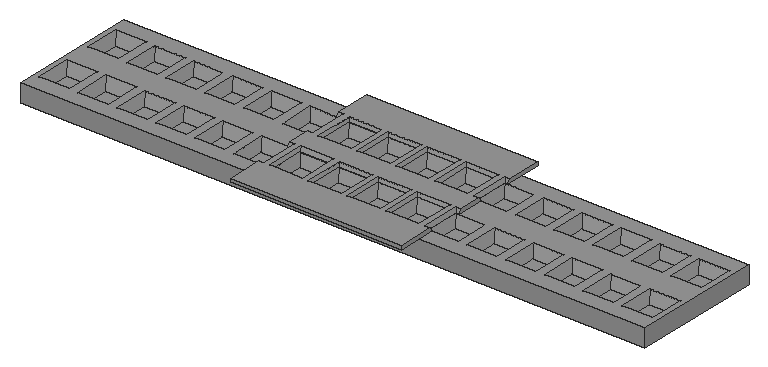
Revit family "2023696", category Lighting Fixtures, host Face, Revit 2018
Family settings
  Host = Face
  Round Connector Dimension = Use Diameter
  Part Type = Normal
  OmniClass Number = 23.80.70.00
  OmniClass Title = Lighting
  Cut with Voids When Loaded = No
  Light Source = Yes
  Shared = No
  Room Calculation Point = No
Parameters (values of type "2023696 OPTIX R 1250 2L TW ALU DA")
  Weight = "n/a"
  Wattage Comments = ""
  Wattage = 9.2903 W
  WarrantyStartDate [instance] = "n/a"
  WarrantyGuarantorParts = "n/a"
  WarrantyDurationUnit = "n/a"
  WarrantyDurationParts = ""
  WarrantyDescription = "http://www.sylvania-lighting.com"
  built-in parameter 1150110 = 1 (stored number, unit not read)
  Voltage = 0 V
  URL = "0.97"
  TypeName = "OPTIX RECESSED 1250 2L TW ALU DALI"
  Type Image = <None>
  Type Comments = "n/a"
  built-in parameter 1114217 = 1 (stored number, unit not read)
  Tilt Angle = -90.00°
  built-in parameter 1150109 = 1 (stored number, unit not read)
  built-in parameter 1150134 = 3
  built-in parameter 1150113 = 1 (stored number, unit not read)
  SerialNumber [instance] = "n/a"
  Photometric Web File = "2023696.ies"
  Material_3_SYL = none
  PowerFactor = 0
  PowerConsumption = "Lighting"
  NominalLength = 308.5 mm
  NominalHeight = 38 mm
  NominalDepth = 308 mm
  Name = "OPTIX RECESSED 1250 2L TW ALU DALI"
  ModelReference = Name  # "OPTIX RECESSED 1250 2L TW ALU DALI"
  ModelNumber = "2023696"
  Model = Name  # "OPTIX RECESSED 1250 2L TW ALU DALI"
  Material = "Feilo Sylvania"
  ManufacturerName = "107 lm/W"
  Manufacturer = ""
  LuminousEfficacy = ""
  built-in parameter 1150105 = 109.82 (stored number, unit not read)
  Lumens = 1380 lm
  LuminaireType = "0"
  built-in parameter 1150115 = 1 (stored number, unit not read)
  LightOutputRatio = "LED"
  built-in parameter 1150137 = (empty or 0)
  built-in parameter 1150139 = (empty or 0)
  LampsType = Lamp  # "n/a"
  LampNominalLuminous = "3000 K"
  LampMacAdamStep = "80"
  LampColourTemperature = "LED"
  LampColourRenderingIndex = "16500"
  built-in parameter 1150112 = 1 (stored number, unit not read)
  built-in parameter 1150114 = 1 (stored number, unit not read)
  Lamp = "n/a"
  Keynote = "n/a"
  InstallationDate [instance] = "n/a"
  InputVoltage = "0"
  InputNominalFrequency = "3000"
  built-in parameter 1150132 = (empty or 0)
  built-in parameter 1150102 = (empty or 0)
  built-in parameter 1150107 = 3200 (stored number, unit not read)
  built-in parameter 1150138 = (empty or 0)
  IngressProtection = "IfcLightFixtureType"
  ImpactProtectionIndex = "IfcLightFixtureType"
  built-in parameter 1150106 = 1.0982 (stored number, unit not read)
  IfcExportType = "IfcLightFixtureType"
  IfcExportAs = "Class I"
  Emit from Circle Diameter = 609.6 mm
  Emit Shape Visible in Rendering = no
  ElectricShockClassification = "107"
  built-in parameter 1150104 = 13.8 (stored number, unit not read)
  DocumentationLiterature = "http://www.sylvania-lighting.com/product/en-int/products/2023696"
  DimmingControlOptions = "n/a"
  Material_2_SYL = none
  Dimming Lamp Color Temperature Shift = <None>
  Description = "OPTIX RECESSED 1250X310 2L TW ALU DALI is a high efficacy low glare luminaire for office and education applications. Ceiling recessed 1250x310 mm. Aluminised plastic extra low glare optics in 2 lines configuration. White RAL9016 fixture body. DALI DT8 controlled tunable white light engine, CRI>80, chromaticity tolerance of 3-step MacAdam ellipse. Luminous flux 3600lm. Power consumption 27W. Luminaire efficacy 133lm/W. Lifespan: 48,500 hours L90B10. UGR<16, Luminance at 65°<200 Cd/m2, IK07, IP20. Photobiological safety risk group 0. Electrical protection Class I. Glow wire test 850°C"
  Default Elevation = 1219.2 mm
  CreatedOn = "13/10/2022"
  CreatedBy = "@sylvania-lighting.com"
  Cost = 0
  Color Filter = 16777215
  built-in parameter 1114216 [instance] = (empty or 0)
  ClassificationValue = "EF_70_80"
  ClassificationName = "Uniclass2015"
  Material_1_SYL = none
  BarCode [instance] = "n/a"
  built-in parameter 1114218 = 1 (stored number, unit not read)
  built-in parameter 1150133 = 10 (stored number, unit not read)
  AssetType = "Fixed"
  AssetIdentifier [instance] = "n/a"
  Assembly Code = "D5020200"
  Apparent Load = 30 VA
  Material_4_SYL = none
Reference planes
  plane 1 "Center (Front/Back)": y = 0
  plane 2: z = 0
  plane 3 "Center (Left/Right)": x = 0
  plane 4: x = -154.25
  plane 5: x = 154.25
  plane 6: y = 154
  plane 7: y = -154
  plane 8: z = -32
  plane 9: z = 6
  plane 10: y = -116
  plane 11: y = 116
  plane 12: x = -563
  plane 13: x = 563
  plane 14: y = 90
  plane 15: y = -90
  plane 16: x = 275
  plane 17: x = 285
  plane 18: x = 345
  plane 19: x = 355
  plane 20: x = 415
  plane 21: x = 425
  plane 22: x = 485
  plane 23: x = 495
  plane 24: x = -275
  plane 25: x = -285
  plane 26: x = -345
  plane 27: x = -355
  plane 28: x = -415
  plane 29: x = -425
  plane 30: x = -485
  plane 31: x = -495
Forms (mm)
  Extrusion 1, solid, material "Aluminum", detail levels medium+fine
    sketch origin (0, 0, 0) x (1, 0, 0) y (0, 1, 0)
      loop
        line (-154.25, 154) -> (-154.25, -154) -> (154.25, -154) -> (154.25, 154) -> (-154.25, 154)
    from 0 to 6
  Extrusion 2, solid, material "Aluminum", detail levels medium+fine
    sketch origin (0, 0, 0) x (1, 0, 0) y (0, 1, 0)
      loop
        line (-563, 116) -> (-563, -116) -> (563, -116) -> (563, 116) -> (-563, 116)
    from 0 to -32
  Blend 3, void
    base sketch origin (0.2, -114, 0) x (1, 0, 0) y (0, 1, 0)
      loop
        line (-275.2, 204) -> (-275.2, 134) -> (-215.2, 134) -> (-215.2, 204) -> (-275.2, 204)
    top sketch origin (0.2, -114, 0) x (1, 0, 0) y (0, 1, 0)
      loop
        line (-265.2, 189) -> (-265.2, 149) -> (-225.2, 149) -> (-225.2, 189) -> (-265.2, 189)
    from 6 to -19
  Blend 4, void
    base sketch origin (70.2, -114, 0) x (1, 0, 0) y (0, 1, 0)
      loop
        line (-275.2, 204) -> (-275.2, 134) -> (-215.2, 134) -> (-215.2, 204) -> (-275.2, 204)
    top sketch origin (70.2, -114, 0) x (1, 0, 0) y (0, 1, 0)
      loop
        line (-265.2, 189) -> (-265.2, 149) -> (-225.2, 149) -> (-225.2, 189) -> (-265.2, 189)
    from 6 to -19
  Blend 5, void
    base sketch origin (140.2, -114, 0) x (1, 0, 0) y (0, 1, 0)
      loop
        line (-275.2, 204) -> (-275.2, 134) -> (-215.2, 134) -> (-215.2, 204) -> (-275.2, 204)
    top sketch origin (140.2, -114, 0) x (1, 0, 0) y (0, 1, 0)
      loop
        line (-265.2, 189) -> (-265.2, 149) -> (-225.2, 149) -> (-225.2, 189) -> (-265.2, 189)
    from 6 to -19
  Blend 6, void
    base sketch origin (210.2, -114, 0) x (1, 0, 0) y (0, 1, 0)
      loop
        line (-275.2, 204) -> (-275.2, 134) -> (-215.2, 134) -> (-215.2, 204) -> (-275.2, 204)
    top sketch origin (210.2, -114, 0) x (1, 0, 0) y (0, 1, 0)
      loop
        line (-265.2, 189) -> (-265.2, 149) -> (-225.2, 149) -> (-225.2, 189) -> (-265.2, 189)
    from 6 to -19
  Blend 7, void
    base sketch origin (280.2, -114, 0) x (1, 0, 0) y (0, 1, 0)
      loop
        line (-275.2, 204) -> (-275.2, 134) -> (-215.2, 134) -> (-215.2, 204) -> (-275.2, 204)
    top sketch origin (280.2, -114, 0) x (1, 0, 0) y (0, 1, 0)
      loop
        line (-265.2, 189) -> (-265.2, 149) -> (-225.2, 149) -> (-225.2, 189) -> (-265.2, 189)
    from 6 to -19
  Blend 8, void
    base sketch origin (350.2, -114, 0) x (1, 0, 0) y (0, 1, 0)
      loop
        line (-275.2, 204) -> (-275.2, 134) -> (-215.2, 134) -> (-215.2, 204) -> (-275.2, 204)
    top sketch origin (350.2, -114, 0) x (1, 0, 0) y (0, 1, 0)
      loop
        line (-265.2, 189) -> (-265.2, 149) -> (-225.2, 149) -> (-225.2, 189) -> (-265.2, 189)
    from 6 to -19
  Blend 9, void
    base sketch origin (420.2, -114, 0) x (1, 0, 0) y (0, 1, 0)
      loop
        line (-275.2, 204) -> (-275.2, 134) -> (-215.2, 134) -> (-215.2, 204) -> (-275.2, 204)
    top sketch origin (420.2, -114, 0) x (1, 0, 0) y (0, 1, 0)
      loop
        line (-265.2, 189) -> (-265.2, 149) -> (-225.2, 149) -> (-225.2, 189) -> (-265.2, 189)
    from 6 to -19
  Blend 10, void
    base sketch origin (490.2, -114, 0) x (1, 0, 0) y (0, 1, 0)
      loop
        line (-275.2, 204) -> (-275.2, 134) -> (-215.2, 134) -> (-215.2, 204) -> (-275.2, 204)
    top sketch origin (490.2, -114, 0) x (1, 0, 0) y (0, 1, 0)
      loop
        line (-265.2, 189) -> (-265.2, 149) -> (-225.2, 149) -> (-225.2, 189) -> (-265.2, 189)
    from 6 to -19
  Blend 11, void
    base sketch origin (560.2, -114, 0) x (1, 0, 0) y (0, 1, 0)
      loop
        line (-275.2, 204) -> (-275.2, 134) -> (-215.2, 134) -> (-215.2, 204) -> (-275.2, 204)
    top sketch origin (560.2, -114, 0) x (1, 0, 0) y (0, 1, 0)
      loop
        line (-265.2, 189) -> (-265.2, 149) -> (-225.2, 149) -> (-225.2, 189) -> (-265.2, 189)
    from 6 to -19
  Blend 12, void
    base sketch origin (630.2, -114, 0) x (1, 0, 0) y (0, 1, 0)
      loop
        line (-275.2, 204) -> (-275.2, 134) -> (-215.2, 134) -> (-215.2, 204) -> (-275.2, 204)
    top sketch origin (630.2, -114, 0) x (1, 0, 0) y (0, 1, 0)
      loop
        line (-265.2, 189) -> (-265.2, 149) -> (-225.2, 149) -> (-225.2, 189) -> (-265.2, 189)
    from 6 to -19
  Blend 13, void
    base sketch origin (700.2, -114, 0) x (1, 0, 0) y (0, 1, 0)
      loop
        line (-275.2, 204) -> (-275.2, 134) -> (-215.2, 134) -> (-215.2, 204) -> (-275.2, 204)
    top sketch origin (700.2, -114, 0) x (1, 0, 0) y (0, 1, 0)
      loop
        line (-265.2, 189) -> (-265.2, 149) -> (-225.2, 149) -> (-225.2, 189) -> (-265.2, 189)
    from 6 to -19
  Blend 14, void
    base sketch origin (770.2, -114, 0) x (1, 0, 0) y (0, 1, 0)
      loop
        line (-275.2, 204) -> (-275.2, 134) -> (-215.2, 134) -> (-215.2, 204) -> (-275.2, 204)
    top sketch origin (770.2, -114, 0) x (1, 0, 0) y (0, 1, 0)
      loop
        line (-265.2, 189) -> (-265.2, 149) -> (-225.2, 149) -> (-225.2, 189) -> (-265.2, 189)
    from 6 to -19
  Blend 15, void
    base sketch origin (-69.8, -114, 0) x (1, 0, 0) y (0, 1, 0)
      loop
        line (-275.2, 204) -> (-275.2, 134) -> (-215.2, 134) -> (-215.2, 204) -> (-275.2, 204)
    top sketch origin (-69.8, -114, 0) x (1, 0, 0) y (0, 1, 0)
      loop
        line (-265.2, 189) -> (-265.2, 149) -> (-225.2, 149) -> (-225.2, 189) -> (-265.2, 189)
    from 6 to -19
  Blend 16, void
    base sketch origin (-139.8, -114, 0) x (1, 0, 0) y (0, 1, 0)
      loop
        line (-275.2, 204) -> (-275.2, 134) -> (-215.2, 134) -> (-215.2, 204) -> (-275.2, 204)
    top sketch origin (-139.8, -114, 0) x (1, 0, 0) y (0, 1, 0)
      loop
        line (-265.2, 189) -> (-265.2, 149) -> (-225.2, 149) -> (-225.2, 189) -> (-265.2, 189)
    from 6 to -19
  Blend 17, void
    base sketch origin (-209.8, -114, 0) x (1, 0, 0) y (0, 1, 0)
      loop
        line (-275.2, 204) -> (-275.2, 134) -> (-215.2, 134) -> (-215.2, 204) -> (-275.2, 204)
    top sketch origin (-209.8, -114, 0) x (1, 0, 0) y (0, 1, 0)
      loop
        line (-265.2, 189) -> (-265.2, 149) -> (-225.2, 149) -> (-225.2, 189) -> (-265.2, 189)
    from 6 to -19
  Blend 18, void
    base sketch origin (-279.8, -114, 0) x (1, 0, 0) y (0, 1, 0)
      loop
        line (-275.2, 204) -> (-275.2, 134) -> (-215.2, 134) -> (-215.2, 204) -> (-275.2, 204)
    top sketch origin (-279.8, -114, 0) x (1, 0, 0) y (0, 1, 0)
      loop
        line (-265.2, 189) -> (-265.2, 149) -> (-225.2, 149) -> (-225.2, 189) -> (-265.2, 189)
    from 6 to -19
  Blend 19, void
    base sketch origin (0.2, -224, 0) x (1, 0, 0) y (0, 1, 0)
      loop
        line (-275.2, 204) -> (-275.2, 134) -> (-215.2, 134) -> (-215.2, 204) -> (-275.2, 204)
    top sketch origin (0.2, -224, 0) x (1, 0, 0) y (0, 1, 0)
      loop
        line (-265.2, 189) -> (-265.2, 149) -> (-225.2, 149) -> (-225.2, 189) -> (-265.2, 189)
    from 6 to -19
  Blend 20, void
    base sketch origin (70.2, -224, 0) x (1, 0, 0) y (0, 1, 0)
      loop
        line (-275.2, 204) -> (-275.2, 134) -> (-215.2, 134) -> (-215.2, 204) -> (-275.2, 204)
    top sketch origin (70.2, -224, 0) x (1, 0, 0) y (0, 1, 0)
      loop
        line (-265.2, 189) -> (-265.2, 149) -> (-225.2, 149) -> (-225.2, 189) -> (-265.2, 189)
    from 6 to -19
  Blend 21, void
    base sketch origin (140.2, -224, 0) x (1, 0, 0) y (0, 1, 0)
      loop
        line (-275.2, 204) -> (-275.2, 134) -> (-215.2, 134) -> (-215.2, 204) -> (-275.2, 204)
    top sketch origin (140.2, -224, 0) x (1, 0, 0) y (0, 1, 0)
      loop
        line (-265.2, 189) -> (-265.2, 149) -> (-225.2, 149) -> (-225.2, 189) -> (-265.2, 189)
    from 6 to -19
  Blend 22, void
    base sketch origin (210.2, -224, 0) x (1, 0, 0) y (0, 1, 0)
      loop
        line (-275.2, 204) -> (-275.2, 134) -> (-215.2, 134) -> (-215.2, 204) -> (-275.2, 204)
    top sketch origin (210.2, -224, 0) x (1, 0, 0) y (0, 1, 0)
      loop
        line (-265.2, 189) -> (-265.2, 149) -> (-225.2, 149) -> (-225.2, 189) -> (-265.2, 189)
    from 6 to -19
  Blend 23, void
    base sketch origin (280.2, -224, 0) x (1, 0, 0) y (0, 1, 0)
      loop
        line (-275.2, 204) -> (-275.2, 134) -> (-215.2, 134) -> (-215.2, 204) -> (-275.2, 204)
    top sketch origin (280.2, -224, 0) x (1, 0, 0) y (0, 1, 0)
      loop
        line (-265.2, 189) -> (-265.2, 149) -> (-225.2, 149) -> (-225.2, 189) -> (-265.2, 189)
    from 6 to -19
  Blend 24, void
    base sketch origin (350.2, -224, 0) x (1, 0, 0) y (0, 1, 0)
      loop
        line (-275.2, 204) -> (-275.2, 134) -> (-215.2, 134) -> (-215.2, 204) -> (-275.2, 204)
    top sketch origin (350.2, -224, 0) x (1, 0, 0) y (0, 1, 0)
      loop
        line (-265.2, 189) -> (-265.2, 149) -> (-225.2, 149) -> (-225.2, 189) -> (-265.2, 189)
    from 6 to -19
  Blend 25, void
    base sketch origin (420.2, -224, 0) x (1, 0, 0) y (0, 1, 0)
      loop
        line (-275.2, 204) -> (-275.2, 134) -> (-215.2, 134) -> (-215.2, 204) -> (-275.2, 204)
    top sketch origin (420.2, -224, 0) x (1, 0, 0) y (0, 1, 0)
      loop
        line (-265.2, 189) -> (-265.2, 149) -> (-225.2, 149) -> (-225.2, 189) -> (-265.2, 189)
    from 6 to -19
  Blend 26, void
    base sketch origin (490.2, -224, 0) x (1, 0, 0) y (0, 1, 0)
      loop
        line (-275.2, 204) -> (-275.2, 134) -> (-215.2, 134) -> (-215.2, 204) -> (-275.2, 204)
    top sketch origin (490.2, -224, 0) x (1, 0, 0) y (0, 1, 0)
      loop
        line (-265.2, 189) -> (-265.2, 149) -> (-225.2, 149) -> (-225.2, 189) -> (-265.2, 189)
    from 6 to -19
  Blend 27, void
    base sketch origin (560.2, -224, 0) x (1, 0, 0) y (0, 1, 0)
      loop
        line (-275.2, 204) -> (-275.2, 134) -> (-215.2, 134) -> (-215.2, 204) -> (-275.2, 204)
    top sketch origin (560.2, -224, 0) x (1, 0, 0) y (0, 1, 0)
      loop
        line (-265.2, 189) -> (-265.2, 149) -> (-225.2, 149) -> (-225.2, 189) -> (-265.2, 189)
    from 6 to -19
  Blend 28, void
    base sketch origin (630.2, -224, 0) x (1, 0, 0) y (0, 1, 0)
      loop
        line (-275.2, 204) -> (-275.2, 134) -> (-215.2, 134) -> (-215.2, 204) -> (-275.2, 204)
    top sketch origin (630.2, -224, 0) x (1, 0, 0) y (0, 1, 0)
      loop
        line (-265.2, 189) -> (-265.2, 149) -> (-225.2, 149) -> (-225.2, 189) -> (-265.2, 189)
    from 6 to -19
  Blend 29, void
    base sketch origin (700.2, -224, 0) x (1, 0, 0) y (0, 1, 0)
      loop
        line (-275.2, 204) -> (-275.2, 134) -> (-215.2, 134) -> (-215.2, 204) -> (-275.2, 204)
    top sketch origin (700.2, -224, 0) x (1, 0, 0) y (0, 1, 0)
      loop
        line (-265.2, 189) -> (-265.2, 149) -> (-225.2, 149) -> (-225.2, 189) -> (-265.2, 189)
    from 6 to -19
  Blend 30, void
    base sketch origin (770.2, -224, 0) x (1, 0, 0) y (0, 1, 0)
      loop
        line (-275.2, 204) -> (-275.2, 134) -> (-215.2, 134) -> (-215.2, 204) -> (-275.2, 204)
    top sketch origin (770.2, -224, 0) x (1, 0, 0) y (0, 1, 0)
      loop
        line (-265.2, 189) -> (-265.2, 149) -> (-225.2, 149) -> (-225.2, 189) -> (-265.2, 189)
    from 6 to -19
  Blend 31, void
    base sketch origin (-69.8, -224, 0) x (1, 0, 0) y (0, 1, 0)
      loop
        line (-275.2, 204) -> (-275.2, 134) -> (-215.2, 134) -> (-215.2, 204) -> (-275.2, 204)
    top sketch origin (-69.8, -224, 0) x (1, 0, 0) y (0, 1, 0)
      loop
        line (-265.2, 189) -> (-265.2, 149) -> (-225.2, 149) -> (-225.2, 189) -> (-265.2, 189)
    from 6 to -19
  Blend 32, void
    base sketch origin (-139.8, -224, 0) x (1, 0, 0) y (0, 1, 0)
      loop
        line (-275.2, 204) -> (-275.2, 134) -> (-215.2, 134) -> (-215.2, 204) -> (-275.2, 204)
    top sketch origin (-139.8, -224, 0) x (1, 0, 0) y (0, 1, 0)
      loop
        line (-265.2, 189) -> (-265.2, 149) -> (-225.2, 149) -> (-225.2, 189) -> (-265.2, 189)
    from 6 to -19
  Blend 33, void
    base sketch origin (-209.8, -224, 0) x (1, 0, 0) y (0, 1, 0)
      loop
        line (-275.2, 204) -> (-275.2, 134) -> (-215.2, 134) -> (-215.2, 204) -> (-275.2, 204)
    top sketch origin (-209.8, -224, 0) x (1, 0, 0) y (0, 1, 0)
      loop
        line (-265.2, 189) -> (-265.2, 149) -> (-225.2, 149) -> (-225.2, 189) -> (-265.2, 189)
    from 6 to -19
  Blend 34, void
    base sketch origin (-279.8, -224, 0) x (1, 0, 0) y (0, 1, 0)
      loop
        line (-275.2, 204) -> (-275.2, 134) -> (-215.2, 134) -> (-215.2, 204) -> (-275.2, 204)
    top sketch origin (-279.8, -224, 0) x (1, 0, 0) y (0, 1, 0)
      loop
        line (-265.2, 189) -> (-265.2, 149) -> (-225.2, 149) -> (-225.2, 189) -> (-265.2, 189)
    from 6 to -19
  Extrusion 35, solid, detail levels coarse
    sketch origin (0, 0, 0) x (1, 0, 0) y (0, 0, 1)
      loop
        line (-154.25, 6) -> (-154.25, -32) -> (154.25, -32) -> (154.25, 6) -> (-154.25, 6)
    from -154 to 154
  Extrusion 36, solid, material "Glass, White, High Luminance", detail levels fine
    sketch origin (0, 0, 0) x (1, 0, 0) y (0, 1, 0)
      loop
        line (-545, 75) -> (-545, 35) -> (-505, 35) -> (-505, 75) -> (-545, 75)
    from -19 to -18
  Extrusion 37, solid, material "Glass, White, High Luminance", detail levels fine
    sketch origin (70, 0, 0) x (1, 0, 0) y (0, 1, 0)
      loop
        line (-545, 75) -> (-545, 35) -> (-505, 35) -> (-505, 75) -> (-545, 75)
    from -19 to -18
  Extrusion 38, solid, material "Glass, White, High Luminance", detail levels fine
    sketch origin (140, 0, 0) x (1, 0, 0) y (0, 1, 0)
      loop
        line (-545, 75) -> (-545, 35) -> (-505, 35) -> (-505, 75) -> (-545, 75)
    from -19 to -18
  Extrusion 39, solid, material "Glass, White, High Luminance", detail levels fine
    sketch origin (210, 0, 0) x (1, 0, 0) y (0, 1, 0)
      loop
        line (-545, 75) -> (-545, 35) -> (-505, 35) -> (-505, 75) -> (-545, 75)
    from -19 to -18
  Extrusion 40, solid, material "Glass, White, High Luminance", detail levels fine
    sketch origin (280, 0, 0) x (1, 0, 0) y (0, 1, 0)
      loop
        line (-545, 75) -> (-545, 35) -> (-505, 35) -> (-505, 75) -> (-545, 75)
    from -19 to -18
  Extrusion 41, solid, material "Glass, White, High Luminance", detail levels fine
    sketch origin (350, 0, 0) x (1, 0, 0) y (0, 1, 0)
      loop
        line (-545, 75) -> (-545, 35) -> (-505, 35) -> (-505, 75) -> (-545, 75)
    from -19 to -18
  Extrusion 42, solid, material "Glass, White, High Luminance", detail levels fine
    sketch origin (420, 0, 0) x (1, 0, 0) y (0, 1, 0)
      loop
        line (-545, 75) -> (-545, 35) -> (-505, 35) -> (-505, 75) -> (-545, 75)
    from -19 to -18
  Extrusion 43, solid, material "Glass, White, High Luminance", detail levels fine
    sketch origin (490, 0, 0) x (1, 0, 0) y (0, 1, 0)
      loop
        line (-545, 75) -> (-545, 35) -> (-505, 35) -> (-505, 75) -> (-545, 75)
    from -19 to -18
  Extrusion 44, solid, material "Glass, White, High Luminance", detail levels fine
    sketch origin (560, 0, 0) x (1, 0, 0) y (0, 1, 0)
      loop
        line (-545, 75) -> (-545, 35) -> (-505, 35) -> (-505, 75) -> (-545, 75)
    from -19 to -18
  Extrusion 45, solid, material "Glass, White, High Luminance", detail levels fine
    sketch origin (630, 0, 0) x (1, 0, 0) y (0, 1, 0)
      loop
        line (-545, 75) -> (-545, 35) -> (-505, 35) -> (-505, 75) -> (-545, 75)
    from -19 to -18
  Extrusion 46, solid, material "Glass, White, High Luminance", detail levels fine
    sketch origin (700, 0, 0) x (1, 0, 0) y (0, 1, 0)
      loop
        line (-545, 75) -> (-545, 35) -> (-505, 35) -> (-505, 75) -> (-545, 75)
    from -19 to -18
  Extrusion 47, solid, material "Glass, White, High Luminance", detail levels fine
    sketch origin (770, 0, 0) x (1, 0, 0) y (0, 1, 0)
      loop
        line (-545, 75) -> (-545, 35) -> (-505, 35) -> (-505, 75) -> (-545, 75)
    from -19 to -18
  Extrusion 48, solid, material "Glass, White, High Luminance", detail levels fine
    sketch origin (840, 0, 0) x (1, 0, 0) y (0, 1, 0)
      loop
        line (-545, 75) -> (-545, 35) -> (-505, 35) -> (-505, 75) -> (-545, 75)
    from -19 to -18
  Extrusion 49, solid, material "Glass, White, High Luminance", detail levels fine
    sketch origin (910, 0, 0) x (1, 0, 0) y (0, 1, 0)
      loop
        line (-545, 75) -> (-545, 35) -> (-505, 35) -> (-505, 75) -> (-545, 75)
    from -19 to -18
  Extrusion 50, solid, material "Glass, White, High Luminance", detail levels fine
    sketch origin (980, 0, 0) x (1, 0, 0) y (0, 1, 0)
      loop
        line (-545, 75) -> (-545, 35) -> (-505, 35) -> (-505, 75) -> (-545, 75)
    from -19 to -18
  Extrusion 51, solid, material "Glass, White, High Luminance", detail levels fine
    sketch origin (1050, 0, 0) x (1, 0, 0) y (0, 1, 0)
      loop
        line (-545, 75) -> (-545, 35) -> (-505, 35) -> (-505, 75) -> (-545, 75)
    from -19 to -18
  Extrusion 52, solid, material "Glass, White, High Luminance", detail levels fine
    sketch origin (0, -110, 0) x (1, 0, 0) y (0, 1, 0)
      loop
        line (-545, 75) -> (-545, 35) -> (-505, 35) -> (-505, 75) -> (-545, 75)
    from -19 to -18
  Extrusion 53, solid, material "Glass, White, High Luminance", detail levels fine
    sketch origin (70, -110, 0) x (1, 0, 0) y (0, 1, 0)
      loop
        line (-545, 75) -> (-545, 35) -> (-505, 35) -> (-505, 75) -> (-545, 75)
    from -19 to -18
  Extrusion 54, solid, material "Glass, White, High Luminance", detail levels fine
    sketch origin (140, -110, 0) x (1, 0, 0) y (0, 1, 0)
      loop
        line (-545, 75) -> (-545, 35) -> (-505, 35) -> (-505, 75) -> (-545, 75)
    from -19 to -18
  Extrusion 55, solid, material "Glass, White, High Luminance", detail levels fine
    sketch origin (210, -110, 0) x (1, 0, 0) y (0, 1, 0)
      loop
        line (-545, 75) -> (-545, 35) -> (-505, 35) -> (-505, 75) -> (-545, 75)
    from -19 to -18
  Extrusion 56, solid, material "Glass, White, High Luminance", detail levels fine
    sketch origin (280, -110, 0) x (1, 0, 0) y (0, 1, 0)
      loop
        line (-545, 75) -> (-545, 35) -> (-505, 35) -> (-505, 75) -> (-545, 75)
    from -19 to -18
  Extrusion 57, solid, material "Glass, White, High Luminance", detail levels fine
    sketch origin (350, -110, 0) x (1, 0, 0) y (0, 1, 0)
      loop
        line (-545, 75) -> (-545, 35) -> (-505, 35) -> (-505, 75) -> (-545, 75)
    from -19 to -18
  Extrusion 58, solid, material "Glass, White, High Luminance", detail levels fine
    sketch origin (420, -110, 0) x (1, 0, 0) y (0, 1, 0)
      loop
        line (-545, 75) -> (-545, 35) -> (-505, 35) -> (-505, 75) -> (-545, 75)
    from -19 to -18
  Extrusion 59, solid, material "Glass, White, High Luminance", detail levels fine
    sketch origin (490, -110, 0) x (1, 0, 0) y (0, 1, 0)
      loop
        line (-545, 75) -> (-545, 35) -> (-505, 35) -> (-505, 75) -> (-545, 75)
    from -19 to -18
  Extrusion 60, solid, material "Glass, White, High Luminance", detail levels fine
    sketch origin (560, -110, 0) x (1, 0, 0) y (0, 1, 0)
      loop
        line (-545, 75) -> (-545, 35) -> (-505, 35) -> (-505, 75) -> (-545, 75)
    from -19 to -18
  Extrusion 61, solid, material "Glass, White, High Luminance", detail levels fine
    sketch origin (630, -110, 0) x (1, 0, 0) y (0, 1, 0)
      loop
        line (-545, 75) -> (-545, 35) -> (-505, 35) -> (-505, 75) -> (-545, 75)
    from -19 to -18
  Extrusion 62, solid, material "Glass, White, High Luminance", detail levels fine
    sketch origin (700, -110, 0) x (1, 0, 0) y (0, 1, 0)
      loop
        line (-545, 75) -> (-545, 35) -> (-505, 35) -> (-505, 75) -> (-545, 75)
    from -19 to -18
  Extrusion 63, solid, material "Glass, White, High Luminance", detail levels fine
    sketch origin (770, -110, 0) x (1, 0, 0) y (0, 1, 0)
      loop
        line (-545, 75) -> (-545, 35) -> (-505, 35) -> (-505, 75) -> (-545, 75)
    from -19 to -18
  Extrusion 64, solid, material "Glass, White, High Luminance", detail levels fine
    sketch origin (840, -110, 0) x (1, 0, 0) y (0, 1, 0)
      loop
        line (-545, 75) -> (-545, 35) -> (-505, 35) -> (-505, 75) -> (-545, 75)
    from -19 to -18
  Extrusion 65, solid, material "Glass, White, High Luminance", detail levels fine
    sketch origin (910, -110, 0) x (1, 0, 0) y (0, 1, 0)
      loop
        line (-545, 75) -> (-545, 35) -> (-505, 35) -> (-505, 75) -> (-545, 75)
    from -19 to -18
  Extrusion 66, solid, material "Glass, White, High Luminance", detail levels fine
    sketch origin (980, -110, 0) x (1, 0, 0) y (0, 1, 0)
      loop
        line (-545, 75) -> (-545, 35) -> (-505, 35) -> (-505, 75) -> (-545, 75)
    from -19 to -18
  Extrusion 67, solid, material "Glass, White, High Luminance", detail levels fine
    sketch origin (1050, -110, 0) x (1, 0, 0) y (0, 1, 0)
      loop
        line (-545, 75) -> (-545, 35) -> (-505, 35) -> (-505, 75) -> (-545, 75)
    from -19 to -18
Cuts and joins
  Blend 3, Blend 4, Blend 5, Blend 6, Blend 7, Blend 8, Blend 9, Blend 10, Blend 11, Blend 12, Blend 13, Blend 14, Blend 15, Blend 16, Blend 17, Blend 18, Blend 19, Blend 20, Blend 21, Blend 22, Blend 23, Blend 24, Blend 25, Blend 26, Blend 27, Blend 28, Blend 29, Blend 30, Blend 31, Blend 32, Blend 33, Blend 34 cuts Extrusion 1
  Blend 3, Blend 4, Blend 5, Blend 6, Blend 7, Blend 8, Blend 9, Blend 10, Blend 11, Blend 12, Blend 13, Blend 14, Blend 15, Blend 16, Blend 17, Blend 18, Blend 19, Blend 20, Blend 21, Blend 22, Blend 23, Blend 24, Blend 25, Blend 26, Blend 27, Blend 28, Blend 29, Blend 30, Blend 31, Blend 32, Blend 33, Blend 34 cuts Extrusion 2
Dimensions and locks
  "NominalLength": plane 4 to plane 5
  equal spacing: plane 4, plane 3 "Center (Left/Right)", plane 5
  "NominalDepth": plane 6 to plane 7
  equal spacing: plane 6, plane 1 "Center (Front/Back)", plane 7
  plane 8 to plane 2 = 32 mm
  plane 9 to plane 2 = 6 mm
  "NominalHeight": plane 8 to plane 9
  aligned and locked: plane 2 to host face
  aligned and locked: level to host face
Automatic sketch dimensions
  host sketch curve to host sketch curve = 2438.4 mm  (x2)
  Extrusion 1 sketch curve to plane 4 = 0 mm
  Extrusion 1 sketch curve to plane 5 = 0 mm
  Extrusion 1 sketch curve to plane 7 = 0 mm
  Extrusion 1 sketch curve to plane 6 = 0 mm
  Extrusion 2 sketch curve to plane 10 = 0 mm
  Extrusion 2 sketch curve to plane 12 = 0 mm
  Extrusion 2 sketch curve to plane 13 = 0 mm
  Extrusion 2 sketch curve to plane 11 = 0 mm
  Blend 3 sketch curve to plane 24 = 0 mm
  Blend 3 sketch curve to plane 14 = 0 mm
  Blend 3 sketch curve to plane 1 "Center (Front/Back)" = 20 mm
  Blend 3 sketch curve to Blend 3 sketch curve = 60 mm
  plane 24 to Blend 3 sketch curve = 10 mm
  Blend 3 sketch curve to Blend 3 sketch curve = 40 mm
  Blend 3 sketch curve to plane 1 "Center (Front/Back)" = 35 mm
  Blend 3 sketch curve to plane 14 = 15 mm
  Blend 4 sketch curve to plane 14 = 0 mm
  Blend 4 sketch curve to plane 1 "Center (Front/Back)" = 20 mm
  plane 24 to Blend 4 sketch curve = 70 mm
  Blend 4 sketch curve to Blend 4 sketch curve = 60 mm
  Blend 4 sketch curve to plane 1 "Center (Front/Back)" = 35 mm
  plane 24 to Blend 4 sketch curve = 80 mm
  Blend 4 sketch curve to Blend 4 sketch curve = 40 mm
  Blend 4 sketch curve to plane 14 = 15 mm
  Blend 5 sketch curve to plane 14 = 0 mm
  Blend 5 sketch curve to plane 1 "Center (Front/Back)" = 20 mm
  Blend 5 sketch curve to plane 3 "Center (Left/Right)" = 135 mm
  Blend 5 sketch curve to Blend 5 sketch curve = 60 mm
  Blend 5 sketch curve to plane 1 "Center (Front/Back)" = 35 mm
  Blend 5 sketch curve to plane 3 "Center (Left/Right)" = 125 mm
  Blend 5 sketch curve to Blend 5 sketch curve = 40 mm
  Blend 5 sketch curve to plane 14 = 15 mm
  Blend 6 sketch curve to plane 14 = 0 mm
  Blend 6 sketch curve to plane 1 "Center (Front/Back)" = 20 mm
  Blend 6 sketch curve to plane 3 "Center (Left/Right)" = 65 mm
  Blend 6 sketch curve to plane 3 "Center (Left/Right)" = 5 mm
  Blend 6 sketch curve to plane 3 "Center (Left/Right)" = 55 mm
  Blend 6 sketch curve to plane 3 "Center (Left/Right)" = 15 mm
  Blend 6 sketch curve to plane 1 "Center (Front/Back)" = 35 mm
  Blend 6 sketch curve to plane 14 = 15 mm
  Blend 7 sketch curve to plane 14 = 0 mm
  plane 3 "Center (Left/Right)" to Blend 7 sketch curve = 5 mm
  Blend 7 sketch curve to plane 1 "Center (Front/Back)" = 20 mm
  Blend 7 sketch curve to Blend 7 sketch curve = 60 mm
  plane 3 "Center (Left/Right)" to Blend 7 sketch curve = 15 mm
  Blend 7 sketch curve to Blend 7 sketch curve = 40 mm
  Blend 7 sketch curve to plane 1 "Center (Front/Back)" = 35 mm
  Blend 7 sketch curve to plane 14 = 15 mm
  Blend 8 sketch curve to plane 14 = 0 mm
  Blend 8 sketch curve to plane 1 "Center (Front/Back)" = 20 mm
  plane 3 "Center (Left/Right)" to Blend 8 sketch curve = 75 mm
  Blend 8 sketch curve to Blend 8 sketch curve = 60 mm
  Blend 8 sketch curve to plane 1 "Center (Front/Back)" = 35 mm
  plane 3 "Center (Left/Right)" to Blend 8 sketch curve = 85 mm
  Blend 8 sketch curve to Blend 8 sketch curve = 40 mm
  Blend 8 sketch curve to plane 14 = 15 mm
  Blend 9 sketch curve to plane 14 = 0 mm
  Blend 9 sketch curve to plane 1 "Center (Front/Back)" = 20 mm
  plane 16 to Blend 9 sketch curve = 130 mm
  Blend 9 sketch curve to Blend 9 sketch curve = 60 mm
  Blend 9 sketch curve to plane 1 "Center (Front/Back)" = 35 mm
  plane 16 to Blend 9 sketch curve = 120 mm
  Blend 9 sketch curve to Blend 9 sketch curve = 40 mm
  Blend 9 sketch curve to plane 14 = 15 mm
  Blend 10 sketch curve to plane 14 = 0 mm
  Blend 10 sketch curve to plane 16 = 0 mm
  Blend 10 sketch curve to Blend 10 sketch curve = 60 mm
  Blend 10 sketch curve to plane 1 "Center (Front/Back)" = 20 mm
  plane 16 to Blend 10 sketch curve = 50 mm
  plane 16 to Blend 10 sketch curve = 10 mm
  Blend 10 sketch curve to plane 1 "Center (Front/Back)" = 35 mm
  Blend 10 sketch curve to plane 14 = 15 mm
  Blend 11 sketch curve to plane 17 = 0 mm
  Blend 11 sketch curve to plane 18 = 0 mm
  Blend 11 sketch curve to plane 14 = 0 mm
  Blend 11 sketch curve to plane 1 "Center (Front/Back)" = 20 mm
  plane 17 to Blend 11 sketch curve = 10 mm
  plane 18 to Blend 11 sketch curve = 10 mm
  Blend 11 sketch curve to plane 1 "Center (Front/Back)" = 35 mm
  Blend 11 sketch curve to plane 14 = 15 mm
  Blend 12 sketch curve to plane 19 = 0 mm
  Blend 12 sketch curve to plane 20 = 0 mm
  Blend 12 sketch curve to plane 14 = 0 mm
  Blend 12 sketch curve to plane 1 "Center (Front/Back)" = 20 mm
  Blend 12 sketch curve to plane 19 = 10 mm
  plane 20 to Blend 12 sketch curve = 10 mm
  Blend 12 sketch curve to plane 1 "Center (Front/Back)" = 35 mm
  Blend 12 sketch curve to plane 14 = 15 mm
  Blend 13 sketch curve to plane 21 = 0 mm
  Blend 13 sketch curve to plane 22 = 0 mm
  Blend 13 sketch curve to plane 14 = 0 mm
  Blend 13 sketch curve to plane 1 "Center (Front/Back)" = 20 mm
  Blend 13 sketch curve to plane 21 = 10 mm
  plane 22 to Blend 13 sketch curve = 10 mm
  Blend 13 sketch curve to plane 1 "Center (Front/Back)" = 35 mm
  Blend 13 sketch curve to plane 14 = 15 mm
  Blend 14 sketch curve to plane 23 = 0 mm
  Blend 14 sketch curve to plane 14 = 0 mm
  Blend 14 sketch curve to plane 13 = 8 mm
  Blend 14 sketch curve to plane 1 "Center (Front/Back)" = 20 mm
  Blend 14 sketch curve to plane 23 = 10 mm
  Blend 14 sketch curve to plane 13 = 18 mm
  Blend 14 sketch curve to plane 1 "Center (Front/Back)" = 35 mm
  Blend 14 sketch curve to plane 14 = 15 mm
  Blend 15 sketch curve to plane 26 = 0 mm
  Blend 15 sketch curve to plane 25 = 0 mm
  Blend 15 sketch curve to plane 14 = 0 mm
  Blend 15 sketch curve to plane 1 "Center (Front/Back)" = 20 mm
  plane 26 to Blend 15 sketch curve = 10 mm
  Blend 15 sketch curve to plane 25 = 10 mm
  Blend 15 sketch curve to plane 1 "Center (Front/Back)" = 35 mm
  Blend 15 sketch curve to plane 14 = 15 mm
  Blend 16 sketch curve to plane 28 = 0 mm
  Blend 16 sketch curve to plane 27 = 0 mm
  Blend 16 sketch curve to plane 14 = 0 mm
  Blend 16 sketch curve to plane 1 "Center (Front/Back)" = 20 mm
  plane 28 to Blend 16 sketch curve = 10 mm
  Blend 16 sketch curve to plane 27 = 10 mm
  Blend 16 sketch curve to plane 1 "Center (Front/Back)" = 35 mm
  Blend 16 sketch curve to plane 14 = 15 mm
  Blend 17 sketch curve to plane 30 = 0 mm
  Blend 17 sketch curve to plane 29 = 0 mm
  Blend 17 sketch curve to plane 14 = 0 mm
  Blend 17 sketch curve to plane 1 "Center (Front/Back)" = 20 mm
  plane 30 to Blend 17 sketch curve = 10 mm
  Blend 17 sketch curve to plane 29 = 10 mm
  Blend 17 sketch curve to plane 1 "Center (Front/Back)" = 35 mm
  Blend 17 sketch curve to plane 14 = 15 mm
  Blend 18 sketch curve to plane 14 = 0 mm
  Blend 18 sketch curve to plane 31 = 0 mm
  plane 12 to Blend 18 sketch curve = 8 mm
  Blend 18 sketch curve to plane 1 "Center (Front/Back)" = 20 mm
  plane 12 to Blend 18 sketch curve = 18 mm
  Blend 18 sketch curve to plane 31 = 10 mm
  Blend 18 sketch curve to plane 1 "Center (Front/Back)" = 35 mm
  Blend 18 sketch curve to plane 14 = 15 mm
  Blend 19 sketch curve to plane 15 = 0 mm
  Blend 19 sketch curve to plane 24 = 0 mm
  Blend 19 sketch curve to Blend 19 sketch curve = 60 mm
  plane 1 "Center (Front/Back)" to Blend 19 sketch curve = 20 mm
  plane 24 to Blend 19 sketch curve = 10 mm
  plane 15 to Blend 19 sketch curve = 15 mm
  Blend 19 sketch curve to Blend 19 sketch curve = 40 mm
  plane 1 "Center (Front/Back)" to Blend 19 sketch curve = 35 mm
  Blend 20 sketch curve to plane 15 = 0 mm
  plane 24 to Blend 20 sketch curve = 70 mm
  Blend 20 sketch curve to Blend 20 sketch curve = 60 mm
  plane 1 "Center (Front/Back)" to Blend 20 sketch curve = 20 mm
  plane 15 to Blend 20 sketch curve = 15 mm
  plane 24 to Blend 20 sketch curve = 80 mm
  Blend 20 sketch curve to Blend 20 sketch curve = 40 mm
  plane 1 "Center (Front/Back)" to Blend 20 sketch curve = 35 mm
  Blend 21 sketch curve to plane 15 = 0 mm
  Blend 21 sketch curve to plane 3 "Center (Left/Right)" = 135 mm
  Blend 21 sketch curve to Blend 21 sketch curve = 60 mm
  plane 1 "Center (Front/Back)" to Blend 21 sketch curve = 20 mm
  plane 15 to Blend 21 sketch curve = 15 mm
  Blend 21 sketch curve to plane 3 "Center (Left/Right)" = 125 mm
  Blend 21 sketch curve to Blend 21 sketch curve = 40 mm
  plane 1 "Center (Front/Back)" to Blend 21 sketch curve = 35 mm
  Blend 22 sketch curve to plane 15 = 0 mm
  Blend 22 sketch curve to plane 3 "Center (Left/Right)" = 65 mm
  Blend 22 sketch curve to plane 3 "Center (Left/Right)" = 5 mm
  plane 1 "Center (Front/Back)" to Blend 22 sketch curve = 20 mm
  plane 15 to Blend 22 sketch curve = 15 mm
  Blend 22 sketch curve to plane 3 "Center (Left/Right)" = 55 mm
  Blend 22 sketch curve to plane 3 "Center (Left/Right)" = 15 mm
  plane 1 "Center (Front/Back)" to Blend 22 sketch curve = 35 mm
  Blend 23 sketch curve to plane 15 = 0 mm
  plane 3 "Center (Left/Right)" to Blend 23 sketch curve = 5 mm
  Blend 23 sketch curve to Blend 23 sketch curve = 60 mm
  plane 1 "Center (Front/Back)" to Blend 23 sketch curve = 20 mm
  plane 3 "Center (Left/Right)" to Blend 23 sketch curve = 15 mm
  plane 15 to Blend 23 sketch curve = 15 mm
  Blend 23 sketch curve to Blend 23 sketch curve = 40 mm
  plane 1 "Center (Front/Back)" to Blend 23 sketch curve = 35 mm
  Blend 24 sketch curve to plane 15 = 0 mm
  plane 3 "Center (Left/Right)" to Blend 24 sketch curve = 75 mm
  Blend 24 sketch curve to Blend 24 sketch curve = 60 mm
  plane 1 "Center (Front/Back)" to Blend 24 sketch curve = 20 mm
  plane 15 to Blend 24 sketch curve = 15 mm
  plane 3 "Center (Left/Right)" to Blend 24 sketch curve = 85 mm
  Blend 24 sketch curve to Blend 24 sketch curve = 40 mm
  plane 1 "Center (Front/Back)" to Blend 24 sketch curve = 35 mm
  Blend 25 sketch curve to plane 15 = 0 mm
  plane 16 to Blend 25 sketch curve = 130 mm
  Blend 25 sketch curve to Blend 25 sketch curve = 60 mm
  plane 1 "Center (Front/Back)" to Blend 25 sketch curve = 20 mm
  plane 15 to Blend 25 sketch curve = 15 mm
  plane 16 to Blend 25 sketch curve = 120 mm
  Blend 25 sketch curve to Blend 25 sketch curve = 40 mm
  plane 1 "Center (Front/Back)" to Blend 25 sketch curve = 35 mm
  Blend 26 sketch curve to plane 15 = 0 mm
  Blend 26 sketch curve to plane 16 = 0 mm
  plane 1 "Center (Front/Back)" to Blend 26 sketch curve = 20 mm
  Blend 26 sketch curve to Blend 26 sketch curve = 60 mm
  plane 15 to Blend 26 sketch curve = 15 mm
  plane 16 to Blend 26 sketch curve = 50 mm
  plane 16 to Blend 26 sketch curve = 10 mm
  plane 1 "Center (Front/Back)" to Blend 26 sketch curve = 35 mm
  Blend 27 sketch curve to plane 15 = 0 mm
  Blend 27 sketch curve to plane 17 = 0 mm
  Blend 27 sketch curve to plane 18 = 0 mm
  plane 1 "Center (Front/Back)" to Blend 27 sketch curve = 20 mm
  plane 17 to Blend 27 sketch curve = 10 mm
  plane 18 to Blend 27 sketch curve = 10 mm
  plane 15 to Blend 27 sketch curve = 15 mm
  plane 1 "Center (Front/Back)" to Blend 27 sketch curve = 35 mm
  Blend 28 sketch curve to plane 15 = 0 mm
  Blend 28 sketch curve to plane 19 = 0 mm
  Blend 28 sketch curve to plane 20 = 0 mm
  plane 1 "Center (Front/Back)" to Blend 28 sketch curve = 20 mm
  Blend 28 sketch curve to plane 19 = 10 mm
  plane 20 to Blend 28 sketch curve = 10 mm
  plane 15 to Blend 28 sketch curve = 15 mm
  plane 1 "Center (Front/Back)" to Blend 28 sketch curve = 35 mm
  Blend 29 sketch curve to plane 15 = 0 mm
  Blend 29 sketch curve to plane 21 = 0 mm
  Blend 29 sketch curve to plane 22 = 0 mm
  plane 1 "Center (Front/Back)" to Blend 29 sketch curve = 20 mm
  Blend 29 sketch curve to plane 21 = 10 mm
  plane 22 to Blend 29 sketch curve = 10 mm
  plane 15 to Blend 29 sketch curve = 15 mm
  plane 1 "Center (Front/Back)" to Blend 29 sketch curve = 35 mm
  Blend 30 sketch curve to plane 15 = 0 mm
  Blend 30 sketch curve to plane 23 = 0 mm
  Blend 30 sketch curve to plane 13 = 8 mm
  plane 1 "Center (Front/Back)" to Blend 30 sketch curve = 20 mm
  Blend 30 sketch curve to plane 23 = 10 mm
  Blend 30 sketch curve to plane 13 = 18 mm
  plane 15 to Blend 30 sketch curve = 15 mm
  plane 1 "Center (Front/Back)" to Blend 30 sketch curve = 35 mm
  Blend 31 sketch curve to plane 15 = 0 mm
  Blend 31 sketch curve to plane 26 = 0 mm
  Blend 31 sketch curve to plane 25 = 0 mm
  plane 1 "Center (Front/Back)" to Blend 31 sketch curve = 20 mm
  plane 26 to Blend 31 sketch curve = 10 mm
  Blend 31 sketch curve to plane 25 = 10 mm
  plane 15 to Blend 31 sketch curve = 15 mm
  plane 1 "Center (Front/Back)" to Blend 31 sketch curve = 35 mm
  Blend 32 sketch curve to plane 15 = 0 mm
  Blend 32 sketch curve to plane 28 = 0 mm
  Blend 32 sketch curve to plane 27 = 0 mm
  plane 1 "Center (Front/Back)" to Blend 32 sketch curve = 20 mm
  plane 28 to Blend 32 sketch curve = 10 mm
  Blend 32 sketch curve to plane 27 = 10 mm
  plane 15 to Blend 32 sketch curve = 15 mm
  plane 1 "Center (Front/Back)" to Blend 32 sketch curve = 35 mm
  Blend 33 sketch curve to plane 15 = 0 mm
  Blend 33 sketch curve to plane 30 = 0 mm
  Blend 33 sketch curve to plane 29 = 0 mm
  plane 1 "Center (Front/Back)" to Blend 33 sketch curve = 20 mm
  plane 30 to Blend 33 sketch curve = 10 mm
  Blend 33 sketch curve to plane 29 = 10 mm
  plane 15 to Blend 33 sketch curve = 15 mm
  plane 1 "Center (Front/Back)" to Blend 33 sketch curve = 35 mm
  Blend 34 sketch curve to plane 15 = 0 mm
  Blend 34 sketch curve to plane 31 = 0 mm
  plane 12 to Blend 34 sketch curve = 8 mm
  plane 1 "Center (Front/Back)" to Blend 34 sketch curve = 20 mm
  plane 12 to Blend 34 sketch curve = 18 mm
  Blend 34 sketch curve to plane 31 = 10 mm
  plane 15 to Blend 34 sketch curve = 15 mm
  plane 1 "Center (Front/Back)" to Blend 34 sketch curve = 35 mm
  Extrusion 35 sketch curve to plane 4 = 0 mm
  Extrusion 35 sketch curve to plane 5 = 0 mm
  Extrusion 35 sketch curve to plane 8 = 0 mm
  Extrusion 35 sketch curve to plane 9 = 0 mm
  plane 12 to Extrusion 36 sketch curve = 18 mm
  Extrusion 36 sketch curve to plane 31 = 10 mm
  Extrusion 36 sketch curve to plane 1 "Center (Front/Back)" = 35 mm
  Extrusion 36 sketch curve to plane 14 = 15 mm
  plane 30 to Extrusion 37 sketch curve = 10 mm
  Extrusion 37 sketch curve to plane 29 = 10 mm
  Extrusion 37 sketch curve to plane 1 "Center (Front/Back)" = 35 mm
  Extrusion 37 sketch curve to plane 14 = 15 mm
  plane 28 to Extrusion 38 sketch curve = 10 mm
  Extrusion 38 sketch curve to plane 27 = 10 mm
  Extrusion 38 sketch curve to plane 1 "Center (Front/Back)" = 35 mm
  Extrusion 38 sketch curve to plane 14 = 15 mm
  plane 26 to Extrusion 39 sketch curve = 10 mm
  Extrusion 39 sketch curve to plane 25 = 10 mm
  Extrusion 39 sketch curve to plane 1 "Center (Front/Back)" = 35 mm
  Extrusion 39 sketch curve to plane 14 = 15 mm
  plane 24 to Extrusion 40 sketch curve = 10 mm
  Extrusion 40 sketch curve to Extrusion 40 sketch curve = 40 mm
  Extrusion 40 sketch curve to plane 1 "Center (Front/Back)" = 35 mm
  Extrusion 40 sketch curve to plane 14 = 15 mm
  Extrusion 41 sketch curve to plane 1 "Center (Front/Back)" = 35 mm
  plane 24 to Extrusion 41 sketch curve = 80 mm
  Extrusion 41 sketch curve to Extrusion 41 sketch curve = 40 mm
  Extrusion 41 sketch curve to plane 14 = 15 mm
  Extrusion 42 sketch curve to plane 1 "Center (Front/Back)" = 35 mm
  Extrusion 42 sketch curve to plane 3 "Center (Left/Right)" = 125 mm
  Extrusion 42 sketch curve to Extrusion 42 sketch curve = 40 mm
  Extrusion 42 sketch curve to plane 14 = 15 mm
  Extrusion 43 sketch curve to plane 3 "Center (Left/Right)" = 55 mm
  Extrusion 43 sketch curve to plane 3 "Center (Left/Right)" = 15 mm
  Extrusion 43 sketch curve to plane 1 "Center (Front/Back)" = 35 mm
  Extrusion 43 sketch curve to plane 14 = 15 mm
  plane 3 "Center (Left/Right)" to Extrusion 44 sketch curve = 15 mm
  Extrusion 44 sketch curve to Extrusion 44 sketch curve = 40 mm
  Extrusion 44 sketch curve to plane 1 "Center (Front/Back)" = 35 mm
  Extrusion 44 sketch curve to plane 14 = 15 mm
  Extrusion 45 sketch curve to plane 1 "Center (Front/Back)" = 35 mm
  plane 3 "Center (Left/Right)" to Extrusion 45 sketch curve = 85 mm
  Extrusion 45 sketch curve to Extrusion 45 sketch curve = 40 mm
  Extrusion 45 sketch curve to plane 14 = 15 mm
  Extrusion 46 sketch curve to plane 1 "Center (Front/Back)" = 35 mm
  plane 16 to Extrusion 46 sketch curve = 120 mm
  Extrusion 46 sketch curve to Extrusion 46 sketch curve = 40 mm
  Extrusion 46 sketch curve to plane 14 = 15 mm
  plane 16 to Extrusion 47 sketch curve = 50 mm
  plane 16 to Extrusion 47 sketch curve = 10 mm
  Extrusion 47 sketch curve to plane 1 "Center (Front/Back)" = 35 mm
  Extrusion 47 sketch curve to plane 14 = 15 mm
  plane 17 to Extrusion 48 sketch curve = 10 mm
  plane 18 to Extrusion 48 sketch curve = 10 mm
  Extrusion 48 sketch curve to plane 1 "Center (Front/Back)" = 35 mm
  Extrusion 48 sketch curve to plane 14 = 15 mm
  Extrusion 49 sketch curve to plane 19 = 10 mm
  plane 20 to Extrusion 49 sketch curve = 10 mm
  Extrusion 49 sketch curve to plane 1 "Center (Front/Back)" = 35 mm
  Extrusion 49 sketch curve to plane 14 = 15 mm
  Extrusion 50 sketch curve to plane 21 = 10 mm
  plane 22 to Extrusion 50 sketch curve = 10 mm
  Extrusion 50 sketch curve to plane 1 "Center (Front/Back)" = 35 mm
  Extrusion 50 sketch curve to plane 14 = 15 mm
  Extrusion 51 sketch curve to plane 23 = 10 mm
  Extrusion 51 sketch curve to plane 13 = 18 mm
  Extrusion 51 sketch curve to plane 1 "Center (Front/Back)" = 35 mm
  Extrusion 51 sketch curve to plane 14 = 15 mm
  plane 12 to Extrusion 52 sketch curve = 18 mm
  Extrusion 52 sketch curve to plane 31 = 10 mm
  plane 15 to Extrusion 52 sketch curve = 15 mm
  plane 1 "Center (Front/Back)" to Extrusion 52 sketch curve = 35 mm
  plane 30 to Extrusion 53 sketch curve = 10 mm
  Extrusion 53 sketch curve to plane 29 = 10 mm
  plane 15 to Extrusion 53 sketch curve = 15 mm
  plane 1 "Center (Front/Back)" to Extrusion 53 sketch curve = 35 mm
  plane 28 to Extrusion 54 sketch curve = 10 mm
  Extrusion 54 sketch curve to plane 27 = 10 mm
  plane 15 to Extrusion 54 sketch curve = 15 mm
  plane 1 "Center (Front/Back)" to Extrusion 54 sketch curve = 35 mm
  plane 26 to Extrusion 55 sketch curve = 10 mm
  Extrusion 55 sketch curve to plane 25 = 10 mm
  plane 15 to Extrusion 55 sketch curve = 15 mm
  plane 1 "Center (Front/Back)" to Extrusion 55 sketch curve = 35 mm
  plane 24 to Extrusion 56 sketch curve = 10 mm
  plane 15 to Extrusion 56 sketch curve = 15 mm
  Extrusion 56 sketch curve to Extrusion 56 sketch curve = 40 mm
  plane 1 "Center (Front/Back)" to Extrusion 56 sketch curve = 35 mm
  plane 15 to Extrusion 57 sketch curve = 15 mm
  plane 24 to Extrusion 57 sketch curve = 80 mm
  Extrusion 57 sketch curve to Extrusion 57 sketch curve = 40 mm
  plane 1 "Center (Front/Back)" to Extrusion 57 sketch curve = 35 mm
  plane 15 to Extrusion 58 sketch curve = 15 mm
  Extrusion 58 sketch curve to plane 3 "Center (Left/Right)" = 125 mm
  Extrusion 58 sketch curve to Extrusion 58 sketch curve = 40 mm
  plane 1 "Center (Front/Back)" to Extrusion 58 sketch curve = 35 mm
  plane 15 to Extrusion 59 sketch curve = 15 mm
  Extrusion 59 sketch curve to plane 3 "Center (Left/Right)" = 55 mm
  Extrusion 59 sketch curve to plane 3 "Center (Left/Right)" = 15 mm
  plane 1 "Center (Front/Back)" to Extrusion 59 sketch curve = 35 mm
  plane 3 "Center (Left/Right)" to Extrusion 60 sketch curve = 15 mm
  plane 15 to Extrusion 60 sketch curve = 15 mm
  Extrusion 60 sketch curve to Extrusion 60 sketch curve = 40 mm
  plane 1 "Center (Front/Back)" to Extrusion 60 sketch curve = 35 mm
  plane 15 to Extrusion 61 sketch curve = 15 mm
  plane 3 "Center (Left/Right)" to Extrusion 61 sketch curve = 85 mm
  Extrusion 61 sketch curve to Extrusion 61 sketch curve = 40 mm
  plane 1 "Center (Front/Back)" to Extrusion 61 sketch curve = 35 mm
  plane 15 to Extrusion 62 sketch curve = 15 mm
  plane 16 to Extrusion 62 sketch curve = 120 mm
  Extrusion 62 sketch curve to Extrusion 62 sketch curve = 40 mm
  plane 1 "Center (Front/Back)" to Extrusion 62 sketch curve = 35 mm
  plane 15 to Extrusion 63 sketch curve = 15 mm
  plane 16 to Extrusion 63 sketch curve = 50 mm
  plane 16 to Extrusion 63 sketch curve = 10 mm
  plane 1 "Center (Front/Back)" to Extrusion 63 sketch curve = 35 mm
  plane 17 to Extrusion 64 sketch curve = 10 mm
  plane 18 to Extrusion 64 sketch curve = 10 mm
  plane 15 to Extrusion 64 sketch curve = 15 mm
  plane 1 "Center (Front/Back)" to Extrusion 64 sketch curve = 35 mm
  Extrusion 65 sketch curve to plane 19 = 10 mm
  plane 20 to Extrusion 65 sketch curve = 10 mm
  plane 15 to Extrusion 65 sketch curve = 15 mm
  plane 1 "Center (Front/Back)" to Extrusion 65 sketch curve = 35 mm
  Extrusion 66 sketch curve to plane 21 = 10 mm
  plane 22 to Extrusion 66 sketch curve = 10 mm
  plane 15 to Extrusion 66 sketch curve = 15 mm
  plane 1 "Center (Front/Back)" to Extrusion 66 sketch curve = 35 mm
  Extrusion 67 sketch curve to plane 23 = 10 mm
  Extrusion 67 sketch curve to plane 13 = 18 mm
  plane 15 to Extrusion 67 sketch curve = 15 mm
  plane 1 "Center (Front/Back)" to Extrusion 67 sketch curve = 35 mm
Connectors
  electrical at (0, 0, 0), driven by "Apparent Load", driven by "PowerFactor", driven by "Voltage"
    settings: index 1, voltage 0 V, apparent load 30 VA, apparent load phase1 0 VA, apparent load phase2 0 VA, apparent load phase3 0 VA, power factor 0, load classification "Lighting", number of poles 1, system type 30, power factor state 1, is connector primary yes, connector utility no, sub classification motor no, connector description ""
